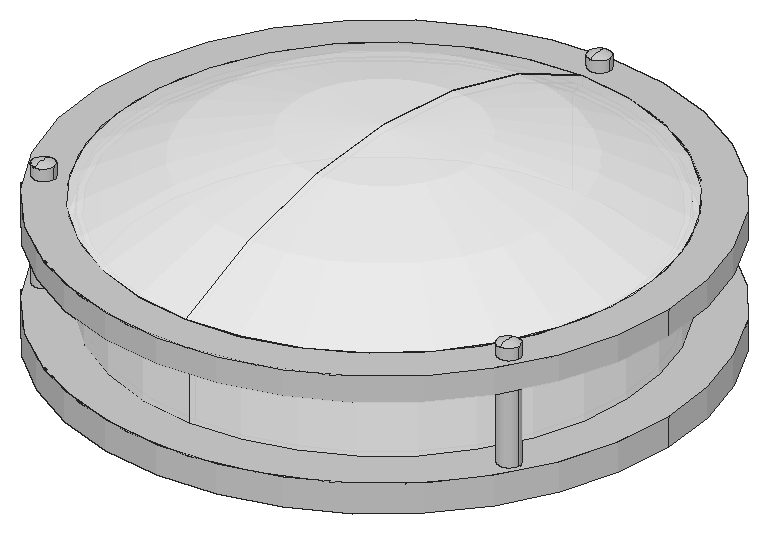
Revit family "2-6109-24 Oracle", category Lighting Fixtures, Revit 2014
Parameters
  Wattage = 3.06984 W
  built-in parameter 1150110 = 1 (stored number, unit not read)
  URL = "http://www.oxygenlighting.com"
  Type Comments = "Lighting - Fluorescent"
  built-in parameter 1114217 = 1 (stored number, unit not read)
  Tilt Angle = -90.00°
  built-in parameter 1150109 = 1 (stored number, unit not read)
  built-in parameter 1150134 = 9
  built-in parameter 1150113 = 1 (stored number, unit not read)
  Product Documentation Link = "http://oxygenlighting.com.s3.amazonaws.com/downloads/cutsheets/2-6109-xx.pdf"
  Photometric Web File = "2-6109-24 Oracle 10 ITL77196.IES"
  Model = "2-6109-24"
  Metal Finish = Satin Nickel
  Manufacturer = "Oxygen Lighting"
  built-in parameter 1150105 = 36.287 (stored number, unit not read)
  Lumens = 456 lm
  built-in parameter 1150115 = 1 (stored number, unit not read)
  built-in parameter 1150137 = (empty or 0)
  built-in parameter 1150139 = (empty or 0)
  built-in parameter 1150112 = 1 (stored number, unit not read)
  Lamp Manufacturer = "Satco FC8T9/WW"
  built-in parameter 1150114 = 1 (stored number, unit not read)
  Lamp = "1x22W T-9 Circular Fluorescent"
  Junction Box = "4\" Octagonal"
  Input Voltage (Volts AC) = "120"
  Power Factor = "0.99"
  Input Power (Watts) = "15.8"
  Input Current (Amps AC) = ""
  built-in parameter 1150132 = 2
  built-in parameter 1150102 = (empty or 0)
  built-in parameter 1150107 = 3450 (stored number, unit not read)
  built-in parameter 1150138 = (empty or 0)
  built-in parameter 1150106 = 0.36287 (stored number, unit not read)
  Fixture Diameter = 0' - 10.38"
  Emit from Circle Diameter = 2' - 0"
  Emit Shape Visible in Rendering = no
  Efficacy (lm/W) = ""
  built-in parameter 1150104 = 13.8 (stored number, unit not read)
  Dimming Lamp Color Temperature Shift = <None>
  Diffuser = Matte White Acrylic
  Description = "10.5\" dia. ceiling mount"
  Default Elevation = 4' - 0"
  Color Filter = 16777215
  Ballast Manufacturer = "Fulham WH2-120-C"
  built-in parameter 1114218 = 1 (stored number, unit not read)
  built-in parameter 1150133 = 10 (stored number, unit not read)
  Apparent Load = 15.8 VA
Reference planes (in)
  plane 1 "Light Source Axis (F/B)": y = 0
  plane 2: z = 0
  plane 3 "Light Source Axis (L/R)": x = 0
  plane 4 "Light Source Elevation": z = 2.4375
  plane 5: x = -5.19
  plane 6: x = 5.19
  plane 7: x = -4.53375
  plane 8: x = 4.53375
  plane 9: y = 5.19
  plane 10: y = -5.19
  plane 11: z = 2.25
  plane 12: z = 1.8125
  plane 13: z = 0.5
  plane 14: z = 2.4375
Forms (in)
  Extrusion 1, solid, material "Satin Nickel" <- "Metal Finish"
    sketch origin (0, 0, 0) x (1, 0, 0) y (0, 1, 0)
      loop
        circle (0, 0) r 5.19
    from 0 to 0.5
  Extrusion 2, solid, material "Satin Nickel" <- "Metal Finish"
    sketch origin (0, 0, 0) x (1, 0, 0) y (0, 1, 0)
      loop
        circle (0, 0) r 5.19
      loop
        circle (0, 0) r 4.53
    from 1.8125 to 2.25
  Extrusion 3, solid, material "Satin Nickel" <- "Metal Finish"
    sketch origin (0, 0, 0) x (1, 0, 0) y (0, 1, 0)
      loop
        circle (0, 4.90236) r 0.1875
      loop
        circle (-4.21474, -2.5033) r 0.1875
      loop
        circle (4.21421, -2.43308) r 0.1875
    from 0 to 2.4375
  Revolve 4, solid, material "Matte White Acrylic" <- "Diffuser"
    sketch origin (0, 0, 0) x (0, 1, 0) y (0, 0, 1)
      loop
        line (0, 3.44) -> (0, 3.31499)
        arc (0, 3.31499) -> (2.27764, 3.03722) -> (4.405, 2.17749) r 8.75954
        line (4.405, 2.17749) -> (4.405, 2.08329) -> (4.29835, 2.08329) -> (4.29835, 0.5) -> (4.42335, 0.5) -> (4.42335, 1.95829) -> (4.53, 1.95829) -> (4.53, 2.25)
        arc (4.53, 2.25) -> (2.34483, 3.14889) -> (0, 3.44) r 8.88454
      axis (0, 3.44) -> (0, 0.5)
    angle from 0 to 360
  Revolve 5, solid, material "Satin Nickel" <- "Metal Finish"
    sketch origin (0, 1.16783, 0) x (0, 1, 0) y (0, 0, 1)
      loop
        line (3.73453, 2.5) -> (3.73453, 2.4375) -> (3.92203, 2.4375)
        arc (3.92203, 2.4375) -> (3.83335, 2.48396) -> (3.73453, 2.5) r 0.3125
      axis (3.73453, 2.5) -> (3.73453, 2.4375)
    angle from 0 to 360
  Revolve 6, solid, material "Satin Nickel" <- "Metal Finish"
    sketch origin (-4.21474, -6.23783, 0) x (0, 1, 0) y (0, 0, 1)
      loop
        line (3.73453, 2.5) -> (3.73453, 2.4375) -> (3.92203, 2.4375)
        arc (3.92203, 2.4375) -> (3.83335, 2.48396) -> (3.73453, 2.5) r 0.3125
      axis (3.73453, 2.5) -> (3.73453, 2.4375)
    angle from 0 to 360
  Revolve 7, solid, material "Satin Nickel" <- "Metal Finish"
    sketch origin (4.21421, -6.16761, 0) x (0, 1, 0) y (0, 0, 1)
      loop
        line (3.73453, 2.5) -> (3.73453, 2.4375) -> (3.92203, 2.4375)
        arc (3.92203, 2.4375) -> (3.83335, 2.48396) -> (3.73453, 2.5) r 0.3125
      axis (3.73453, 2.5) -> (3.73453, 2.4375)
    angle from 0 to 360
  Extrusion 8, solid, material "Satin Nickel" <- "Metal Finish", not visible
    sketch origin (0, 0, 0) x (1, 0, 0) y (0, 1, 0)
      loop
        circle (0, 0) r 5.19
    from 0 to 0.5
  Extrusion 9, solid, material "Satin Nickel" <- "Metal Finish", not visible
    sketch origin (0, 0, 0) x (1, 0, 0) y (0, 1, 0)
      loop
        circle (0, 0) r 5.19
      loop
        circle (0, 0) r 4.53
    from 1.8125 to 2.25
  Extrusion 10, solid, material "Satin Nickel" <- "Metal Finish", not visible
    sketch origin (0, 0, 0) x (1, 0, 0) y (0, 1, 0)
      loop
        circle (0, 4.90236) r 0.1875
      loop
        circle (-4.21474, -2.5033) r 0.1875
      loop
        circle (4.21421, -2.43308) r 0.1875
    from 0 to 2.4375
  Revolve 11, solid, material "Matte White Acrylic" <- "Diffuser", not visible
    sketch origin (0, 0, 0) x (0, 1, 0) y (0, 0, 1)
      loop
        line (0, 3.44) -> (0, 3.31499)
        arc (0, 3.31499) -> (2.27764, 3.03722) -> (4.405, 2.17749) r 8.75954
        line (4.405, 2.17749) -> (4.405, 2.08329) -> (4.29835, 2.08329) -> (4.29835, 0.5) -> (4.42335, 0.5) -> (4.42335, 1.95829) -> (4.53, 1.95829) -> (4.53, 2.25)
        arc (4.53, 2.25) -> (2.34483, 3.14889) -> (0, 3.44) r 8.88454
      axis (0, 3.44) -> (0, 0.5)
    angle from 0 to 360
  Revolve 12, solid, material "Satin Nickel" <- "Metal Finish", not visible
    sketch origin (0, 1.16783, 0) x (0, 1, 0) y (0, 0, 1)
      loop
        line (3.73453, 2.5) -> (3.73453, 2.4375) -> (3.92203, 2.4375)
        arc (3.92203, 2.4375) -> (3.83335, 2.48396) -> (3.73453, 2.5) r 0.3125
      axis (3.73453, 2.5) -> (3.73453, 2.4375)
    angle from 0 to 360
  Revolve 13, solid, material "Satin Nickel" <- "Metal Finish", not visible
    sketch origin (-4.21474, -6.23783, 0) x (0, 1, 0) y (0, 0, 1)
      loop
        line (3.73453, 2.5) -> (3.73453, 2.4375) -> (3.92203, 2.4375)
        arc (3.92203, 2.4375) -> (3.83335, 2.48396) -> (3.73453, 2.5) r 0.3125
      axis (3.73453, 2.5) -> (3.73453, 2.4375)
    angle from 0 to 360
  Revolve 14, solid, material "Satin Nickel" <- "Metal Finish", not visible
    sketch origin (4.21421, -6.16761, 0) x (0, 1, 0) y (0, 0, 1)
      loop
        line (3.73453, 2.5) -> (3.73453, 2.4375) -> (3.92203, 2.4375)
        arc (3.92203, 2.4375) -> (3.83335, 2.48396) -> (3.73453, 2.5) r 0.3125
      axis (3.73453, 2.5) -> (3.73453, 2.4375)
    angle from 0 to 360
Dimensions and locks (in)
  "Fixture Diameter": plane 5 to plane 6
  locked: plane 9 to plane 10 at 10.38
  equal spacing: plane 5, plane 3 "Light Source Axis (L/R)", plane 6, locked at 5.19 each
  aligned and locked: level to plane 2
Automatic sketch dimensions
  Extrusion 2 sketch curve to Extrusion 2 sketch curve = 0' - 0"  (x8)
  Revolve 4 sketch curve to Revolve 4 sketch curve = 0' - 0"  (x5)
  Revolve 4 sketch curve to Revolve 4 sketch curve = 0' - 0.10665"
  Revolve 4 sketch curve to Revolve 4 sketch curve = 0' - 0 1/8"  (x3)
  Revolve 4 sketch curve to Revolve 4 sketch curve = 0' - 0.41051"
  Revolve 5 sketch curve to Revolve 5 sketch curve = 0' - 0"  (x2)
  Revolve 6 sketch curve to Revolve 6 sketch curve = 0' - 0 3/16"
  Revolve 6 sketch curve to Revolve 6 sketch curve = 0' - 0"  (x2)
  Revolve 7 sketch curve to Revolve 7 sketch curve = 0' - 0 3/16"
  Revolve 7 sketch curve to Revolve 7 sketch curve = 0' - 0"  (x2)
  Extrusion 2 sketch curve to Extrusion 2 sketch curve = 0' - 5.19"
  Extrusion 3 sketch curve to Extrusion 3 sketch curve = 0' - 4.21474"
  Extrusion 3 sketch curve to Extrusion 3 sketch curve = 0' - 8.42896"
  Extrusion 3 sketch curve to Extrusion 3 sketch curve = 0' - 0.07023"
  Extrusion 3 sketch curve to Extrusion 3 sketch curve = 0' - 7.33544"
  Revolve 4 sketch curve to Revolve 4 sketch curve = 0' - 0.08751"
  Revolve 4 sketch curve to Revolve 4 sketch curve = 0' - 4.29835"
  Revolve 4 sketch curve to Revolve 4 sketch curve = 0' - 5.94411"
  Revolve 4 sketch curve to Revolve 4 sketch curve = 0' - 1.45829"
  Revolve 4 sketch curve to Revolve 4 sketch curve = 0' - 0.09421"
  Revolve 4 sketch curve to Revolve 4 sketch curve = 0' - 0.07251"
  Revolve 4 sketch curve to Revolve 4 sketch curve = 0' - 0.46449"
  Revolve 5 sketch curve to Revolve 5 sketch curve = 0' - 0 3/16"
  Revolve 5 sketch curve to Revolve 5 sketch curve = 0' - 0 1/4"
  Revolve 5 sketch curve to Revolve 5 sketch curve = 0' - 0.11563"
  Revolve 6 sketch curve to Revolve 6 sketch curve = 0' - 0 1/4"
  Revolve 6 sketch curve to Revolve 6 sketch curve = 0' - 0.11563"
  Revolve 7 sketch curve to Revolve 7 sketch curve = 0' - 0 1/4"
  Revolve 7 sketch curve to Revolve 7 sketch curve = 0' - 0.11563"
  Extrusion 9 sketch curve to Extrusion 9 sketch curve = 0' - 0"  (x8)
  Revolve 11 sketch curve to Revolve 11 sketch curve = 0' - 0"  (x5)
  Revolve 11 sketch curve to Revolve 11 sketch curve = 0' - 0.10665"
  Revolve 11 sketch curve to Revolve 11 sketch curve = 0' - 0 1/8"  (x3)
  Revolve 11 sketch curve to Revolve 11 sketch curve = 0' - 0.41051"
  Revolve 12 sketch curve to Revolve 12 sketch curve = 0' - 0"  (x2)
  Revolve 13 sketch curve to Revolve 13 sketch curve = 0' - 0 3/16"
  Revolve 13 sketch curve to Revolve 13 sketch curve = 0' - 0"  (x2)
  Revolve 14 sketch curve to Revolve 14 sketch curve = 0' - 0 3/16"
  Revolve 14 sketch curve to Revolve 14 sketch curve = 0' - 0"  (x2)
  Extrusion 9 sketch curve to Extrusion 9 sketch curve = 0' - 5.19"
  Extrusion 10 sketch curve to Extrusion 10 sketch curve = 0' - 4.21474"
  Extrusion 10 sketch curve to Extrusion 10 sketch curve = 0' - 8.42896"
  Extrusion 10 sketch curve to Extrusion 10 sketch curve = 0' - 0.07023"
  Extrusion 10 sketch curve to Extrusion 10 sketch curve = 0' - 7.33544"
  Revolve 11 sketch curve to Revolve 11 sketch curve = 0' - 0.08751"
  Revolve 11 sketch curve to Revolve 11 sketch curve = 0' - 4.29835"
  Revolve 11 sketch curve to Revolve 11 sketch curve = 0' - 5.94411"
  Revolve 11 sketch curve to Revolve 11 sketch curve = 0' - 1.45829"
  Revolve 11 sketch curve to Revolve 11 sketch curve = 0' - 0.09421"
  Revolve 11 sketch curve to Revolve 11 sketch curve = 0' - 0.07251"
  Revolve 11 sketch curve to Revolve 11 sketch curve = 0' - 0.46449"
  Revolve 12 sketch curve to Revolve 12 sketch curve = 0' - 0 3/16"
  Revolve 12 sketch curve to Revolve 12 sketch curve = 0' - 0 1/4"
  Revolve 12 sketch curve to Revolve 12 sketch curve = 0' - 0.11563"
  Revolve 13 sketch curve to Revolve 13 sketch curve = 0' - 0 1/4"
  Revolve 13 sketch curve to Revolve 13 sketch curve = 0' - 0.11563"
  Revolve 14 sketch curve to Revolve 14 sketch curve = 0' - 0 1/4"
  Revolve 14 sketch curve to Revolve 14 sketch curve = 0' - 0.11563"
  radius of Extrusion 2 sketch curve = 0' - 4.53"
  radius of Extrusion 1 sketch curve = 0' - 5.19"
  radius of Extrusion 3 sketch curve = 0' - 0 3/16"  (x3)
  radius of Extrusion 9 sketch curve = 0' - 4.53"
  radius of Extrusion 8 sketch curve = 0' - 5.19"
  radius of Extrusion 10 sketch curve = 0' - 0 3/16"  (x3)
